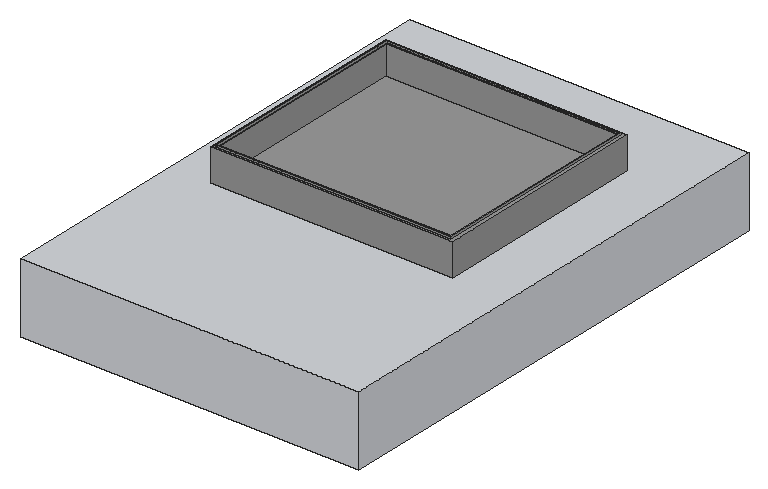
Revit family "Hager-Univers-IP30-D160-QS-Cl.II-FWQ_encl-AT-de", category Equipement électrique, Revit 2020
Family settings
  Hôte = Face
  Configuration du panneau = Deux colonnes, circuits au sein
  Cote de connecteur circulaire = Utiliser le diamètre
  Type d'élément = Tableau de raccordement
  Couper avec des vides une fois chargée = Non
  Partagée = Non
  Point de calcul de pièce = Non
Parameters (values of type "Aufputz IP30 B1050 H950 T160  - FWQ64D1")
  Width Control [instance] = if([EF000008 - Breite] > Min Width, [EF000008 - Breite], Min Width)  # 1050 mm
  Commentaires du type = [HG000003 - Bereich]  # "Univers"
  Thickness Door [instance] = if([EF009171 - Materialstärke Tür/Deckel] > 3 mm, 3 mm, [EF009171 - Materialstärke Tür/Deckel])  # 2 mm
  Seal Frame Offset [instance] = 17 mm  # constant formula
  Plinth Visibility [instance] = [HG000027 - Sockelhöhe] > 0 mm  # no
  Model = ""
  Min Width [instance] = 100 mm  # constant formula
  Min Height [instance] = 100 mm  # constant formula
  Min Depth [instance] = (2 * [EF009170 - Materialstärke Gehäuse]) + 1 mm  # 5 mm
  Internal Frame Depth [instance] = (Door System Depth * 0.5)  # 9 mm
  Height Control [instance] = if([EF000040 - Höhe] > Min Height, [EF000040 - Höhe], Min Height)  # 950 mm
  HG000027 - Sockelhöhe = 0 mm
  HG000026 - Stehend auf dem Boden = no
  HG000024 - Höhe des unteren Teils = 800 mm
  HG000023 - Gehäuse mit doppeltem Querschnitt = no
  HG000016 - 3D-Türsichtbarkeit [instance] = yes
  HG000015 - Sichtbarkeit der Türöffnung [instance] = no
  HG000014 - Tür rechts [instance] = yes
  HG000013 - Tür links [instance] = not([HG000014 - Tür rechts])  # no
  HG000012 - Türschwenkwinkel [instance] = 30.00°
  HG000010 - Asymmetrische Türen = no
  HG000009 - Doppelflügeligen Tür = no
  HG000006 - Unterputz = no
  HG000004 - Herstellerreferenz = "FWQ64D1"
  HG000003 - Bereich = "Univers"
  HG000002 - Mit tür = no
  Frame Offset Bottom [instance] = 10 mm  # constant formula
  Frame Offset [instance] = 15 mm  # constant formula
  EF015940 - Deckel mit Überdruckentlastung = no
  EF011959 - Schutzart (NEMA) = ""
  EF009554 - Anzahl der Öffnungen für Flanschplatten = 8
  Fabricant = "Hager"  # constant formula
  EF009212 - Ausführung Deckel = "EV009916 - mit Ausschnitt"
  EF009171 - Materialstärke Tür/Deckel = 2 mm
  EF009170 - Materialstärke Gehäuse = 2 mm
  EF008873 - Nennstrom (In) = 125 A
  EF007800 - Geeignet für Blitzschutz = no
  EF006306 - Mit Schloss = no
  EF006244 - Transparenter Deckel/Tür = no
  EF005474 - Schutzart (IP) = "EV006410 - IP30"
  EF004464 - Art der Tür = "EV002646 - Einzel"
  EF004427 - Anzahl der Module = 288
  EF004293 - Schlagfestigkeit = ""
  EF003532 - Geeignet für Außengebrauch = no
  EF002950 - Breite in Teilungseinheiten = 48
  EF001613 - Funktionserhalt = "EV000494 - ohne"
  EF001596 - Werkstoff des Gehäuses = "EV000179 - Stahl"
  EF001131 - Innentiefe = 160 mm
  EF001088 - Anbaumöglichkeit = yes
  EF000437 - Anzahl der Leitungseinführungen = 16
  EF000339 - Art der Abdeckung = "EV001012 - Deckel"
  EF000266 - Anzahl der Reihen = 24
  EF000218 - Einbautiefe = 0 mm
  EF000118 - Mit Montageplatte = yes
  EF000116 - RAL-Nummer = "9010"
  EF000049 - Tiefe = 160 mm
  EF000040 - Höhe = 950 mm
  EF000008 - Breite = 1050 mm
  EF000007 - Farbe = "EV000202 - weiß"
  EF000003 - Montageart = "EV000384 - Aufputz"
  Door System Leaf Tolerance [instance] = 1.5 mm  # constant formula
  Door System Depth [instance] = 18 mm  # constant formula
  Door Height [instance] = Height Control - [HG000027 - Sockelhöhe]  # 950 mm
  Depth Control [instance] = if([EF000049 - Tiefe] > Min Depth, [EF000049 - Tiefe], Min Depth)  # 160 mm
  Default Elevation = 0 mm
  Connector Offset [instance] = Height Control / 2  # 475 mm
  Bottom Top Plate Trim [instance] = 1.5 mm  # constant formula
  Plinth height Ctrl [instance] = if([HG000027 - Sockelhöhe] > 0 mm, [HG000027 - Sockelhöhe], 12 mm)  # 12 mm
Reference planes
  plane 1 "Center (Front/Back)": y = 0
  plane 2: z = 0
  plane 3 "Center (Left/Right)": x = 0
  plane 4: z = 160
  plane 5: y = 2
  plane 6: y = 475
  plane 7: y = 0
  plane 8: y = 950
  plane 9: z = 0
  plane 10: x = -510
  plane 11: x = 510
  plane 12: x = 508
  plane 13: x = -508
  plane 14: y = 948
  plane 15: x = -508
  plane 16: x = -525
  plane 17: x = 508
  plane 18: x = 525
  plane 19: x = 523
  plane 20: x = -523
  plane 21: y = 12
  plane 22: y = 950
  plane 23: y = 933
  plane 24: z = 142
  plane 25: z = 2
  plane 26: z = 140
  plane 27: z = 158
Forms (mm)
  Extrusion 1, solid
    sketch origin (0, 0, 0) x (1, 0, 0) y (0, 1, 0)
      loop
        line (-702.964, 1305) -> (-702.964, -811.445) -> (766.763, -811.445) -> (766.763, 1305) -> (-702.964, 1305)
    from 0 to -304.8
  Extrusion 2, solid, material "Hager_Steel_RAL7035_Light_Grey", visible <- "Plinth Visibility", detail levels medium+fine
    sketch origin (0, 0, 0) x (1, 0, 0) y (0, 1, 0)
      loop
        line (-525, 0) -> (525, 0) -> (525, 12) -> (-525, 12) -> (-525, 0)
    from 0 to 142
  Extrusion 3, solid, material "Hager_Steel_RAL7035_Light_Grey", detail levels medium+fine
    sketch origin (0, 0, 0) x (1, 0, 0) y (0, 1, 0)
      loop
        line (-525, 0) -> (525, 0) -> (525, 950) -> (-525, 950) -> (-525, 0)
    from 0 to 142
  Extrusion 4, void
    sketch origin (0, 0, 0) x (1, 0, 0) y (0, 1, 0)
      loop
        line (-523, 2) -> (523, 2) -> (523, 948) -> (-523, 948) -> (-523, 2)
    from 2 to 140
  Extrusion 5, void
    sketch origin (-381.607, -4572, 142) x (0, -1, 0) y (-1, 0, 0)
      loop
        line (-4584, 126.393) -> (-5505, 126.393) -> (-5505, -889.607) -> (-4584, -889.607) -> (-4584, 126.393)
    from 0 to 2 <- "EF009170 - Materialstärke Gehäuse"
  Extrusion 6, solid, material "Hager_Steel_RAL7035_Light_Grey", detail levels fine
    sketch origin (0, 0, 142) x (1, 0, 0) y (0, 1, 0)
      loop
        line (-508, 933) -> (-508, 12) -> (508, 12) -> (508, 933) -> (-508, 933)
      loop
        line (-510, 10) -> (510, 10) -> (510, 935) -> (-510, 935) -> (-510, 10)
    from 0 to 9 <- "Internal Frame Depth"
  Extrusion 7, solid, material "Hager_Steel_RAL7035_Light_Grey", detail levels coarse
    sketch origin (0, 0, 0) x (1, 0, 0) y (0, 1, 0)
      loop
        line (-525, 0) -> (525, 0) -> (525, 950) -> (-525, 950) -> (-525, 0)
    from 0 to 160
  Sweep 8, void
    path in 3D
      loop
        line (-525, 12, 0) -> (525, 12, 0) -> (525, 12, 142) -> (-525, 12, 142) -> (-525, 12, 0)
    profile origin (-525, 12, 71) x (-1, 0, 0) y (0, -1, 0)
      loop
        line (0, 0) -> (0, 1.5) -> (-1.5, 1.5)
        arc (-1.5, 1.5) -> (-1.061, 0.439) -> (0, 0) r 1.5
Cuts and joins
  Extrusion 4, Extrusion 5 cuts Extrusion 3
  Sweep 8 cuts Extrusion 2
Lines and regions (mm)
  Masking region 1
    outline origin (0, 0, 0) x (1, 0, 0) y (0, 0, 1)
      loop
        line (-525, 160) -> (-525, 0) -> (525, 0) -> (525, 160) -> (-525, 160)
  Masking region 2, detail levels medium+fine
    outline origin (0, 140, 0) x (0, 1, 0) y (0, 0, 1)
      loop
        line (-140, 0) -> (810, 0) -> (810, 142) -> (-140, 142) -> (-140, 0)
  Masking region 3, not visible, detail levels medium+fine
    outline origin (0, 297.922, 0) x (0, 1, 0) y (0, 0, 1)
      loop
        line (188.578, 0) -> (228.578, 0) -> (228.578, 148)
        arc (228.578, 148) -> (225.649, 155.071) -> (218.578, 158) r 10
        line (218.578, 158) -> (188.578, 158) -> (188.578, 0)
  Masking region 4, detail levels coarse
    outline origin (0, 0, 180) x (0, 1, 0) y (0, 0, 1)
      loop
        line (0, -180) -> (950, -180) -> (950, -20) -> (0, -20) -> (0, -180)
  Masking region 5, visible <- "Plinth Visibility", detail levels medium+fine
    outline origin (0, 52.24, 12.345) x (0, 0, -1) y (0, 1, 0)
      loop
        line (10.845, -40.24) -> (-128.155, -40.24)
        arc (-128.155, -40.24) -> (-128.594, -41.301) -> (-129.655, -41.74) r 1.5
        line (-129.655, -41.74) -> (-129.655, -52.24) -> (12.345, -52.24) -> (12.345, -41.74)
        arc (12.345, -41.74) -> (11.285, -41.301) -> (10.845, -40.24) r 1.5
  Masking region 6, detail levels medium+fine
    outline origin (-381.607, -4572, 142) x (-1, 0, 0) y (0, -1, 0)
      loop
        line (143.393, -5522) -> (143.393, -4572) -> (-906.607, -4572) -> (-906.607, -5522) -> (143.393, -5522)
  Masking region 7, visible <- "Plinth Visibility", detail levels medium+fine
    outline origin (-381.607, -4727, 142) x (-1, 0, 0) y (0, -1, 0)
      loop
        arc (141.893, -4739) -> (142.332, -4737.939) -> (143.393, -4737.5) r 1.5
        line (143.393, -4737.5) -> (143.393, -4727) -> (-906.607, -4727) -> (-906.607, -4737.5)
        arc (-906.607, -4737.5) -> (-905.546, -4737.939) -> (-905.107, -4739) r 1.5
        line (-905.107, -4739) -> (141.893, -4739)
  Masking region 8, detail levels coarse
    outline origin (-442.548, -4669.526, 142) x (-1, 0, 0) y (0, -1, 0)
      loop
        line (82.452, -5619.526) -> (82.452, -4669.526) -> (-967.548, -4669.526) -> (-967.548, -5619.526) -> (82.452, -5619.526)
  sketch lines
    curve 1: line (-525, 12, 142) -> (-525, 12, 0)
    curve 2: line (525, 12, 142) -> (-525, 12, 142)
    curve 3: line (525, 12, 142) -> (525, 12, 0)
    curve 4: line (-525, 12, 0) -> (525, 12, 0)
Dimensions and locks
  "Depth Control": plane 4 to Extrusion 1
  "HG000027 - Sockelhöhe": plane 1 "Center (Front/Back)" to plane 7
  "EF009170 - Materialstärke Gehäuse": plane 5 to plane 7
  locked: connector elem to plane 3 "Center (Left/Right)"
  equal spacing: plane 8, plane 6, plane 7
  locked: connector elem to plane 6
  "EF009170 - Materialstärke Gehäuse": plane 8 to plane 14
  "EF009170 - Materialstärke Gehäuse": plane 10 to plane 13
  "EF009170 - Materialstärke Gehäuse": plane 12 to plane 11
  "Frame Offset": plane 20 to plane 13
  "Frame Offset": plane 12 to plane 19
  "EF009170 - Materialstärke Gehäuse": plane 16 to plane 20
  "EF009170 - Materialstärke Gehäuse": plane 19 to plane 18
  "Seal Frame Offset": plane 16 to plane 15
  "Seal Frame Offset": plane 17 to plane 18
  "Frame Offset Bottom": plane 21 to plane 5
  "Frame Offset": plane 14 to plane 23
  equal spacing: plane 16, plane 3 "Center (Left/Right)", plane 18
  "Width Control": plane 16 to plane 18
  "EF009170 - Materialstärke Gehäuse": plane 4 to plane 27
  "EF009170 - Materialstärke Gehäuse": plane 24 to plane 26
  "EF009170 - Materialstärke Gehäuse": plane 25 to level
  "Door System Depth": plane 4 to plane 24
  "Height Control": plane 1 "Center (Front/Back)" to Extrusion 7 sketch curve
  "Height Control": Masking region 4 sketch curve to plane 1 "Center (Front/Back)"
  "Height Control": plane 1 "Center (Front/Back)" to plane 22
  "Bottom Top Plate Trim": profile plane to Sweep 8 sketch curve
  "Bottom Top Plate Trim": Sweep 8 sketch curve to profile plane
  "Plinth height Ctrl": plane 1 "Center (Front/Back)" to Extrusion 2 sketch curve
  "Plinth height Ctrl": Masking region 5 sketch curve to plane 1 "Center (Front/Back)"
  "Plinth height Ctrl": plane 1 "Center (Front/Back)" to Masking region 7 sketch curve
  "Thickness Door": Extrusion 6 sketch curve to Extrusion 6 sketch curve  (x3)
  "Thickness Door": cut or joined group of Extrusion 3, Extrusion 4, Extrusion 5 to Extrusion 6 sketch curve
  radius of Masking region 3 sketch curve = 10 mm
  "Bottom Top Plate Trim": radius of Masking region 5 sketch curve  (x2)
  "Bottom Top Plate Trim": radius of Sweep 8 sketch curve
  "Bottom Top Plate Trim": radius of Masking region 7 sketch curve  (x2)
  aligned and locked: plane 2 to Extrusion 1
  aligned and locked: level to Extrusion 1
  aligned and locked: level to Masking region 1 sketch curve
  aligned and locked: Masking region 1 sketch curve to plane 18
  aligned and locked: Masking region 1 sketch curve to plane 16
  aligned and locked: plane 7 to Masking region 2 sketch curve
  aligned and locked: level to Masking region 3 sketch curve
  aligned and locked: Masking region 3 sketch curve to plane 27
  aligned and locked: level to Masking region 2 sketch curve
  aligned and locked: plane 1 "Center (Front/Back)" to Extrusion 2 sketch curve
  aligned and locked: Extrusion 3 sketch curve to plane 7
  aligned and locked: plane 16 to Extrusion 3 sketch curve
  aligned and locked: plane 18 to Extrusion 3 sketch curve
  aligned and locked: plane 20 to Extrusion 4 sketch curve
  aligned and locked: plane 19 to Extrusion 4 sketch curve
  aligned and locked: Extrusion 4 sketch curve to plane 5
  aligned and locked: Extrusion 4 to plane 25
  aligned and locked: plane 26 to Extrusion 4
  aligned and locked: plane 24 to Extrusion 3
  aligned and locked: Extrusion 5 sketch curve to plane 21
  aligned and locked: Extrusion 5 sketch curve to plane 13
  aligned and locked: Extrusion 5 sketch curve to plane 12
  aligned and locked: plane 18 to Extrusion 7 sketch curve
  aligned and locked: plane 1 "Center (Front/Back)" to Extrusion 7 sketch curve
  aligned and locked: plane 16 to Extrusion 7 sketch curve
  aligned and locked: plane 4 to Extrusion 7
  aligned and locked: Extrusion 7 to level
  aligned and locked: level to Masking region 4 sketch curve
  aligned and locked: Masking region 4 sketch curve to plane 1 "Center (Front/Back)"
  aligned and locked: Masking region 4 sketch curve to plane 4
  aligned and locked: nested 1 to level
  aligned and locked: nested 1 to plane 16
  aligned and locked: Extrusion 3 sketch curve to plane 8
  aligned and locked: Extrusion 5 sketch curve to plane 23
  aligned and locked: Extrusion 4 sketch curve to plane 14
  aligned and locked: Masking region 2 sketch curve to plane 8
  aligned and locked: level to Masking region 5 sketch curve
  aligned and locked: plane 16 to Extrusion 2 sketch curve
  aligned and locked: plane 18 to Extrusion 2 sketch curve
  aligned and locked: Masking region 5 sketch curve to plane 24
  aligned and locked: Masking region 2 sketch curve to plane 24
  aligned and locked: plane 24 to Extrusion 2
  aligned and locked: profile plane to Sweep 8 sketch curve  (x2)
  aligned and locked: Masking region 6 sketch curve to plane 18
  aligned and locked: Masking region 6 sketch curve to plane 22
  aligned and locked: Masking region 6 sketch curve to plane 16
  aligned and locked: plane 8 to plane 22
  aligned and locked: Masking region 6 sketch curve to plane 7
  aligned and locked: Masking region 7 sketch curve to plane 16
  aligned and locked: Masking region 7 sketch curve to plane 1 "Center (Front/Back)"
  aligned and locked: Masking region 7 sketch curve to plane 18
  aligned and locked: Masking region 8 sketch curve to plane 1 "Center (Front/Back)"
  aligned and locked: Masking region 8 sketch curve to plane 18
  aligned and locked: Masking region 8 sketch curve to plane 22
  aligned and locked: Masking region 8 sketch curve to plane 16
  aligned and locked: nested 2 to plane 7
  aligned and locked: plane 3 "Center (Left/Right)" to nested 2
  aligned and locked: nested 2 to plane 24
  aligned and locked: Extrusion 6 sketch curve to cut or joined group of Extrusion 3, Extrusion 4, Extrusion 5  (x4)
Automatic sketch dimensions
  Extrusion 1 sketch curve to Extrusion 1 sketch curve = 1469.727 mm
  Extrusion 1 sketch curve to Extrusion 1 sketch curve = 2116.445 mm
  Masking region 1 sketch curve to plane 4 = 0 mm
  plane 6 to Masking region 3 sketch curve = 11.5 mm
  Masking region 3 sketch curve to Masking region 3 sketch curve = 30 mm
  Masking region 5 sketch curve to plane 1 "Center (Front/Back)" = 0 mm
Nested families
  nested 1: "Hager_Enclosure_Symbol" at (-525, 0, 0) x (1, 0, 0) z (0, -1, 0), Height <- "Depth Control", Width <- "Width Control", type "Hager_Enclosure_Symbol"
    with Width_Ctrl 1050 mm, Width 1050 mm, Height_Ctrl 160 mm, Height 160 mm, A_Width_Int 10.5 mm, A_Width 126 mm, A_Height_Ctrl 140 mm, A_Height 140 mm
  nested 2: "EC000058_Univers_Door" at (0, 0, 142) x (1, 0, 0) z (0, 1, 0), Leaf_Tolerance <- "Door System Leaf Tolerance", Angle <- "HG000012 - Türschwenkwinkel", Door_Depth <- "Door System Depth", Door_Left <- "HG000013 - Tür links", Transparent <- "EF006244 - Transparenter Deckel/Tür", Assymetrical <- "HG000010 - Asymmetrische Türen", Width <- "Width Control", Clearance <- "HG000015 - Sichtbarkeit der Türöffnung", Double <- "HG000009 - Doppelflügeligen Tür", 3d_Door <- "HG000016 - 3D-Türsichtbarkeit", Lock_Visibility <- "EF006306 - Mit Schloss", Width_Ctrl <- "Width Control", Door_Right <- "HG000014 - Tür rechts", Door <- "HG000002 - Mit tür", Height <- "Door Height", Thickness <- "Thickness Door", type "EC000058_Univers_Door", detail levels medium+fine
    with min_wh 5 mm, Width_Ctrl 1050 mm, Width 1050 mm, Transparent no, Thickness 2 mm, Seal_Material Hager_Rubber, Lock_Visibility no, Lock_Material Hager_Plastic_RAL9005_Jet_Black, Leaf_Width 1050 mm, Leaf_Tolerance_External_Sides 0 mm, Leaf_Tolerance 1.5 mm, Leaf_Offset 0 mm, Leaf_Height 947 mm, Leaf_2_Width 1050 mm, Leaf_2_Offset 525 mm, Leaf_1_Width 1050 mm, Leaf_1_Offset 525 mm, Height_Ctrl 950 mm, Height 950 mm, Glass_Material Hager_Glass, Double_Clearance_Ctrl no, Double no, Door_Right_Ctrl no, Door_Right yes, Door_Material Hager_Steel_RAL7035_Light_Grey, Door_Left_Ctrl no, Door_Left no, Door_Depth 18 mm, Door no, Clearance_Material Hager_Clearance, Clearance_Depth 1050 mm, Clearance_Ctrl no, Clearance no, Assymetrical no, Angle 30.00°, 3d_Door yes
Connectors
  electrical at (0, 475, 0)
    settings: on plane 9, index 1, voltage 0 V, apparent load 0 VA, apparent load phase1 0 VA, apparent load phase2 0 VA, apparent load phase3 0 VA, power factor 1, load classification "Other", number of poles 1, system type 30, power factor state 1, is connector primary yes, connector utility no, sub classification motor no, connector description ""
Definition of nested family "Hager_Enclosure_Symbol"
  Parameters (values of type "Hager_Enclosure_Symbol")
    Width_Ctrl [instance] = if(Width > 1 mm, Width, 1 mm)  # 102.27 mm
    Width [instance] = 102.27 mm
    Height_Ctrl [instance] = if(Height > 1 mm, Height, 1 mm)  # 66.5 mm
    A_Width_Int [instance] = if(A_Width / 12 > 2 mm, A_Width / 12, 2 mm)  # 4.364 mm
    A_Width [instance] = if(A_Height_Ctrl * 0.9 > 2 mm, A_Height_Ctrl * 0.9, 2 mm)  # 52.369 mm
    A_Height_Ctrl [instance] = if(A_Height > 2 mm, A_Height, 2 mm)  # 58.188 mm
    Height [instance] = 66.5 mm
    A_Height [instance] = Height - (Height / 8)  # 58.188 mm
  Reference planes
    plane 1 "Centre (avant/arrière)": y = 0
    plane 2: z = 0
    plane 3 "Centre (gauche/droite)": x = 0
    plane 4: x = 52.369
    plane 5: y = 33.042
    plane 6: y = 41.77
    plane 7: y = 66.5
    plane 8: x = 26.184
    plane 9: y = 37.406
    plane 10: x = 102.27
    plane 11: y = 66.5
    plane 12: y = 8.313
  Lines and regions (mm)
    Filled region 1, type "Solid_Black", in view "Niveau de réf."
      outline origin (0, 0, 0) x (1, 0, 0) y (0, 1, 0)
        loop
          line (52.369, 66.5) -> (33.188, 54.536) -> (45.365, 45.006) -> (52.369, 66.5)
    Filled region 2, type "Solid_Black", in view "Niveau de réf."
      outline origin (0, 0, 0) x (1, 0, 0) y (0, 1, 0)
        loop
          line (0, 0) -> (102.27, 0) -> (102.27, 66.5) -> (0, 0)
    detail lines, in view "Niveau de réf."
      curve 1: line (0, 8.313, 0) -> (26.184, 41.77, 0)
      curve 2: line (26.184, 41.77, 0) -> (26.184, 33.042, 0)
      curve 3: line (26.184, 33.042, 0) -> (52.369, 66.5, 0)
  Dimensions and locks
    "A_Width": plane 3 "Centre (gauche/droite)" to plane 4
    equal spacing: plane 3 "Centre (gauche/droite)", plane 8, plane 4
    equal spacing: plane 6, plane 9, plane 5
    equal spacing: curve 3, Filled region 1 sketch curve, Filled region 1 sketch curve
    "Height_Ctrl": plane 1 "Centre (avant/arrière)" to plane 11
    "A_Height_Ctrl": plane 11 to plane 12
    equal spacing: plane 11, plane 9, plane 12
    "A_Width_Int": plane 6 to plane 9
    "Width_Ctrl": plane 3 "Centre (gauche/droite)" to plane 10
    angle Filled region 1 sketch curve to curve 3 = 20.00°
    angle curve 3 to Filled region 1 sketch curve = 20.00°
    locked: curve 3 to Filled region 1 sketch curve (angle 90.00°)
    aligned and locked: plane 10 to Filled region 2
    aligned and locked: plane 11 to Filled region 2 sketch curve
    aligned and locked: plane 10 to Filled region 2 sketch curve
    aligned and locked: plane 3 "Centre (gauche/droite)" to curve 1
    aligned and locked: plane 12 to curve 1
    aligned and locked: plane 7 to plane 11
  Automatic sketch dimensions
    Filled region 1 sketch curve to plane 4 = 0 mm
    Filled region 1 sketch curve to plane 7 = 0 mm
    plane 1 "Centre (avant/arrière)" to Filled region 2 sketch curve = 0 mm
    Filled region 2 sketch curve to plane 3 "Centre (gauche/droite)" = 0 mm
    curve 2 to plane 6 = 0 mm
    curve 2 to plane 8 = 0 mm
    curve 3 to plane 4 = 0 mm
    curve 2 to plane 5 = 0 mm
    curve 3 to plane 7 = 0 mm
Definition of nested family "EC000058_Univers_Door"
  Parameters (values of type "EC000058_Univers_Door")
    min_wh [instance] = (2 * Thickness) + 1 mm  # 11 mm
    Width_Ctrl [instance] = 400 mm
    Width [instance] = 500 mm
    Transparent [instance] = yes
    Thickness [instance] = 5 mm
    Seal_Material [instance] = none
    Lock_Visibility [instance] = yes
    Lock_Material [instance] = none
    Leaf_Width [instance] = if((Width_Ctrl - 2 * Leaf_Tolerance_External_Sides) > 0 mm, (Width_Ctrl - 2 * Leaf_Tolerance_External_Sides), min_wh)  # 400 mm
    Leaf_Tolerance_External_Sides [instance] = 0 mm  # constant formula
    Leaf_Tolerance [instance] = 1.5 mm
    Leaf_Offset [instance] = 0 mm  # constant formula
    Leaf_Height [instance] = if((Height_Ctrl - 2 * Leaf_Tolerance) > 0 mm, (Height_Ctrl - 2 * Leaf_Tolerance), min_wh)  # 497 mm
    Leaf_2_Width [instance] = if(and(and(Double, Assymetrical), Door_Left), (Leaf_Width / 3) - (Leaf_Tolerance / 2), if(and(and(Double, Assymetrical), Door_Right), (Leaf_Width / 3) * 2 - (Leaf_Tolerance / 2), if(and(Double, not(Assymetrical)), (Leaf_Width / 2) - Leaf_Tolerance, Leaf_Width)))  # 400 mm
    Leaf_2_Offset [instance] = if(and(Double, Assymetrical), Leaf_2_Width / 2, if(and(Double, not(Assymetrical)), Leaf_Width / 4, Leaf_Width / 2))  # 200 mm
    Leaf_1_Width [instance] = if(and(and(Double, Assymetrical), Door_Right), (Leaf_Width / 3) - (Leaf_Tolerance / 2), if(and(and(Double, Assymetrical), Door_Left), (Width / 3) * 2 - (Leaf_Tolerance / 2), if(and(Double, not(Assymetrical)), (Leaf_Width / 2) - Leaf_Tolerance, Leaf_Width)))  # 400 mm
    Leaf_1_Offset [instance] = if(and(Double, Assymetrical), Leaf_1_Width / 2, if(and(Double, not(Assymetrical)), Leaf_Width / 4, Leaf_Width / 2))  # 200 mm
    Height_Ctrl [instance] = if(Height > min_wh, Height, min_wh)  # 500 mm
    Height [instance] = 500 mm
    Glass_Material [instance] = none
    Double_Clearance_Ctrl [instance] = and(Double, Clearance)  # no
    Double [instance] = no
    Door_Right_Ctrl [instance] = and(or(Door_Right, Double), Door)  # yes
    Door_Right [instance] = yes
    Door_Material [instance] = none
    Door_Left_Ctrl [instance] = and(or(Door_Left, Double), Door)  # no
    Door_Left [instance] = no
    Door_Depth [instance] = 30 mm
    Door [instance] = yes
    Default Elevation = 1219.2 mm
    Clearance_Material [instance] = none
    Clearance_Depth [instance] = if(Leaf_1_Width > Leaf_2_Width, Leaf_1_Width, Leaf_2_Width)  # 400 mm
    Clearance_Ctrl [instance] = and(not(Double), Clearance)  # yes
    Clearance [instance] = yes
    Assymetrical [instance] = yes
    Angle [instance] = 30.00°
    3d_Door [instance] = yes
  Reference planes
    plane 1 "Center (Front/Back)": y = 0
    plane 2 "Bottom": z = 0
    plane 3 "Center (Left/Right)": x = 0
    plane 4: z = 500
    plane 5: x = -200
    plane 6: x = 200
    plane 7: z = 500
    plane 8: x = -200
    plane 9: z = 0
    plane 10: x = 200
    plane 11: y = 0
    plane 12: z = 1.5
    plane 13: x = -600
    plane 14: y = -400
    plane 15: x = 600
    plane 16: x = 0
    plane 17: x = 0
    plane 18: x = -200
    plane 19: x = 200
    plane 20: z = 498.5
  Forms (mm)
    Extrusion 1, solid, material <- "Clearance_Material", visible <- "Double_Clearance_Ctrl"
      sketch origin (1200, 0, 0) x (1, 0, 0) y (0, 0, -1)
        loop
          line (-1800, -498.5) -> (-600, -498.5) -> (-600, 0) -> (-1800, 0) -> (-1800, -498.5)
      from 0 to -400
  Dimensions and locks
    equal spacing: plane 5, plane 3 "Center (Left/Right)", plane 6
    "Width_Ctrl": plane 5 to plane 6
    "Leaf_Offset": plane 5 to plane 8
    "Leaf_Offset": plane 6 to plane 10
    "Leaf_Offset": plane 9 to level
    "Leaf_Offset": plane 4 to plane 7
    "Height_Ctrl": plane 4 to level
    "Leaf_Tolerance": plane 12 to plane 9
    locked: plane 11 to plane 1 "Center (Front/Back)"
    "Leaf_1_Offset": plane 18 to plane 16
    "Leaf_2_Offset": plane 17 to plane 19
    "Leaf_1_Width": plane 13 to plane 8
    "Leaf_2_Width": plane 10 to plane 15
    "Clearance_Depth": plane 14 to plane 1 "Center (Front/Back)"
    "Leaf_Tolerance_External_Sides": plane 8 to plane 18
    "Leaf_Tolerance_External_Sides": plane 19 to plane 10
    "Leaf_Tolerance": plane 7 to plane 20
    aligned and locked: level to plane 2 "Bottom"
    aligned and locked: nested 1 to plane 16
    aligned and locked: nested 2 to plane 17
    aligned and locked: Extrusion 1 to plane 13
    aligned and locked: plane 15 to Extrusion 1
    aligned and locked: Extrusion 1 to plane 14
    aligned and locked: plane 12 to nested 1
    aligned and locked: nested 2 to plane 12
    aligned and locked: Extrusion 1 to plane 11
    aligned and locked: plane 20 to Extrusion 1
    aligned and locked: nested 2 to plane 11
    aligned and locked: nested 1 to plane 11
  Automatic sketch dimensions
    Extrusion 1 sketch curve to level = 0 mm
    plane 5 to Extrusion 1 sketch curve = 400 mm
    plane 6 to Extrusion 1 sketch curve = 400 mm
    Extrusion 1 sketch curve to plane 4 = 1.5 mm
  Nested families
    nested 1: "EC000058_Univers_Door_Leaf" at (0, 0, 1.5), Width <- "Leaf_1_Width", visible <- "Door_Left_Ctrl", Leaf_Height <- "Leaf_Height", Angle <- "Angle", 3d_Door <- "3d_Door", Transparent <- "Transparent", Clearance Material <- "Clearance_Material", Clearance <- "Clearance_Ctrl", Door_Material <- "Door_Material", Glass_Material <- "Glass_Material", Door_Depth <- "Door_Depth", Lock_Material <- "Lock_Material", Seal_Material <- "Seal_Material", Lock_Visibility <- "Lock_Visibility", Thickness <- "Thickness", type "EC000058_Univers_Door_Leaf"
      with Width 400 mm, Transparent_Glass_Offset 30 mm, Transparent_Ctrl yes, Transparent yes, Thickness 5 mm, Standard no, Seal_Material none, Seal_D2 8 mm, Seal_D1 1 mm, Offset_Internal_Frame 10 mm, Lock_Width 20 mm, Lock_Visibility_3d yes, Lock_Visibility yes, Lock_Thickness_3 3 mm, Lock_Thickness_2 1 mm, Lock_Thickness_1 3 mm, Lock_Radius_Offset_2 16 mm, Lock_Radius_Offset_1 15 mm, Lock_Radius_2 5 mm, Lock_Radius 6 mm, Lock_Offset 5 mm, Lock_Material none, Lock_Height 80 mm, Lock_Cover_Top_Offset_2d 17 mm, Lock_Cover_Height -65 mm, Leaf_Height 497 mm, Internal_Seal_Thickness 8 mm, Internal_Seal_Depth_2 4.5 mm, Internal_Frame_Depth 25 mm, Glass_Thickness -1 mm, Glass_Offset -2 mm, Glass_Material none, Door_Material none, Door_Depth 30 mm, Clearance Material none, Clearance yes, Angle_Ctrl 30.00°, Angle 30.00°, 3d_Door yes
    nested 2: "EC000058_Univers_Door_Leaf" at (0, 0, 1.5) x (-1, 0, 0) z (0, 0, 1), Width <- "Leaf_2_Width", visible <- "Door_Right_Ctrl", Leaf_Height <- "Leaf_Height", Angle <- "Angle", 3d_Door <- "3d_Door", Transparent <- "Transparent", Clearance Material <- "Clearance_Material", Clearance <- "Clearance_Ctrl", Door_Material <- "Door_Material", Glass_Material <- "Glass_Material", Door_Depth <- "Door_Depth", Lock_Material <- "Lock_Material", Seal_Material <- "Seal_Material", Lock_Visibility <- "Lock_Visibility", Thickness <- "Thickness", type "EC000058_Univers_Door_Leaf"
      with Width 400 mm, Transparent_Glass_Offset 30 mm, Transparent_Ctrl yes, Transparent yes, Thickness 5 mm, Standard no, Seal_Material none, Seal_D2 8 mm, Seal_D1 1 mm, Offset_Internal_Frame 10 mm, Lock_Width 20 mm, Lock_Visibility_3d yes, Lock_Visibility yes, Lock_Thickness_3 3 mm, Lock_Thickness_2 1 mm, Lock_Thickness_1 3 mm, Lock_Radius_Offset_2 16 mm, Lock_Radius_Offset_1 15 mm, Lock_Radius_2 5 mm, Lock_Radius 6 mm, Lock_Offset 5 mm, Lock_Material none, Lock_Height 80 mm, Lock_Cover_Top_Offset_2d 17 mm, Lock_Cover_Height -65 mm, Leaf_Height 497 mm, Internal_Seal_Thickness 8 mm, Internal_Seal_Depth_2 4.5 mm, Internal_Frame_Depth 25 mm, Glass_Thickness -1 mm, Glass_Offset -2 mm, Glass_Material none, Door_Material none, Door_Depth 30 mm, Clearance Material none, Clearance yes, Angle_Ctrl 30.00°, Angle 30.00°, 3d_Door yes
  Definition of nested family "EC000058_Univers_Door_Leaf"
    Parameters (values of type "EC000058_Univers_Door_Leaf")
      Width [instance] = 2000 mm
      Transparent_Glass_Offset [instance] = 30 mm
      Transparent_Ctrl [instance] = and(Transparent, [3d_Door])  # yes
      Transparent [instance] = yes
      Thickness [instance] = 5 mm
      Standard [instance] = and(not(Transparent), [3d_Door])  # no
      Seal_Material [instance] = none
      Seal_D2 [instance] = 8 mm  # constant formula
      Seal_D1 [instance] = 1 mm  # constant formula
      Offset_Internal_Frame [instance] = 10 mm  # constant formula
      Lock_Width [instance] = 20 mm  # constant formula
      Lock_Visibility_3d [instance] = and(Lock_Visibility, [3d_Door])  # yes
      Lock_Visibility [instance] = yes
      Lock_Thickness_3 [instance] = 3 mm  # constant formula
      Lock_Thickness_2 [instance] = 1 mm  # constant formula
      Lock_Thickness_1 [instance] = 3 mm  # constant formula
      Lock_Radius_Offset_2 [instance] = Lock_Radius_Offset_1 + 1 mm  # 16 mm
      Lock_Radius_Offset_1 [instance] = 15 mm  # constant formula
      Lock_Radius_2 [instance] = Lock_Radius - 1 mm  # 5 mm
      Lock_Radius [instance] = 6 mm  # constant formula
      Lock_Offset [instance] = 5 mm  # constant formula
      Lock_Material [instance] = none
      Lock_Height [instance] = 80 mm  # constant formula
      Lock_Cover_Top_Offset_2d [instance] = Lock_Radius_Offset_2 + 1 mm  # 17 mm
      Lock_Cover_Height [instance] = -(Lock_Height - Lock_Radius_Offset_1)  # -65 mm
      Leaf_Height [instance] = 2720.336 mm
      Internal_Seal_Thickness [instance] = 8 mm  # constant formula
      Internal_Seal_Depth_2 [instance] = 4.5 mm  # constant formula
      Internal_Frame_Depth [instance] = if(Door_Depth - Thickness > 5 mm, Door_Depth - Thickness, 5 mm)  # 25 mm
      Glass_Thickness [instance] = if(Thickness > 15 mm, Glass_Offset + 10 mm, -1 mm)  # -1 mm
      Glass_Offset [instance] = if(Thickness > 15 mm, -(Thickness + 10 mm) / 2, -2 mm)  # -2 mm
      Glass_Material [instance] = none
      Door_Material [instance] = none
      Door_Depth [instance] = 30 mm
      Default Elevation = 0 mm
      Clearance Material [instance] = none
      Clearance [instance] = yes
      Angle_Ctrl [instance] = if(Angle > 180.00°, 180.00°, Angle)  # 90.00°
      Angle [instance] = 90.00°
      3d_Door [instance] = yes
    Reference planes
      plane 1 "Center (Front/Back)": y = 0
      plane 2: z = 0
      plane 3 "Center (Left/Right)": x = 0
      plane 4: y = 2000
      plane 5: x = -1000
      plane 6: x = 1000
      plane 7: x = -3000
      plane 8: z = 2720.336
      plane 9: z = 30
      plane 10: z = 2690.336
      plane 11: x = 970
      plane 12: x = -970
      plane 13: y = -3
      plane 14: z = 107.833
      plane 15: y = -5
      plane 16: y = -223.314
      plane 17: x = -1000
      plane 18: z = 1360.168
      plane 19: y = 30
    Forms (mm)
      Extrusion 1, solid, material <- "Clearance Material", visible <- "Clearance"
        sketch origin (0, 0, 0) x (1, 0, 0) y (0, 0, 1)
          loop
            line (-3000, 2720.336) -> (-3000, 0) -> (1000, 0) -> (1000, 2720.336) -> (-3000, 2720.336)
        from 0 to -2000
      Extrusion 2, solid, material <- "Door_Material", visible <- "Standard", detail levels medium+fine
        sketch origin (-1000, 0, 0) x (0, 1, 0) y (-1, 0, 0)
          loop
            line (0, 30) -> (0, 25) -> (2000, 25) -> (2000, 30) -> (0, 30)
        from 0 to 2720.336 <- "Leaf_Height"
      Extrusion 3, solid, material <- "Door_Material", visible <- "Transparent_Ctrl", detail levels medium+fine
        sketch origin (-1000, 0, 0) x (0, 1, 0) y (-1, 0, 0)
          loop
            line (0, 25) -> (2000, 25) -> (2000, 30) -> (0, 30) -> (0, 25)
        from 0 to 2720.336 <- "Leaf_Height"
      Extrusion 4, void
        sketch origin (-1025, 2000, 0) x (0, 1, 0) y (0, 0, -1)
          loop
            line (-30, -2690.336) -> (-30, -30) -> (-1970, -30) -> (-1970, -2690.336) -> (-30, -2690.336)
        from 0 to 5 <- "Thickness"
      Sweep 5, solid, material <- "Seal_Material", visible <- "Transparent_Ctrl", detail levels fine
        path in 3D
          loop
            line (-1025, 30, 30) -> (-1025, 30, 2690.336) -> (-1025, 1970, 2690.336) -> (-1025, 1970, 30) -> (-1025, 30, 30)
        profile origin (-1025, 1000, 30) x (1, 0, 0) y (0, 0, 1)
          loop
            line (0, 0) -> (0, -8) -> (1, -8) -> (1, 0) -> (0, 0)
      Extrusion 6, solid, material <- "Glass_Material", visible <- "Transparent_Ctrl", detail levels medium+fine
        sketch origin (-1030, 0, 0) x (0, 1, 0) y (0, 0, -1)
          loop
            line (1970, -2690.336) -> (1970, -30) -> (30, -30) -> (30, -2690.336) -> (1970, -2690.336)
        from -2 <- "Glass_Offset" to -1 <- "Glass_Thickness"
      Extrusion 7, solid, material <- "Door_Material", visible <- "3d_Door", detail levels medium+fine
        sketch origin (-1025, 2000, 0) x (0, -1, 0) y (0, 0, -1)
          loop
            line (0, -2720.336) -> (2000, -2720.336) -> (2000, 0) -> (0, 0) -> (0, -2720.336)
          loop
            line (1995, -5) -> (5, -5) -> (5, -2715.336) -> (1995, -2715.336) -> (1995, -5)
        from 0 to 25 <- "Internal_Frame_Depth"
      Sweep 8, solid, material <- "Seal_Material", visible <- "Transparent_Ctrl", detail levels fine
        path in 3D
          loop
            line (-1025, 0, 0) -> (-1025, 2000, 0) -> (-1025, 2000, 2720.336) -> (-1025, 0, 2720.336) -> (-1025, 0, 0)
        profile origin (-1025, 0, 1360.168) x (1, 0, 0) y (0, 1, 0)
          loop
            line (0, 10) -> (2.975, 10)
            arc (2.975, 10) -> (4.053, 10.447) -> (4.5, 11.525) r 1.525
            line (4.5, 11.525) -> (4.5, 16.527)
            arc (4.5, 16.527) -> (4.069, 17.569) -> (3.027, 18) r 1.473
            line (3.027, 18) -> (0, 18) -> (0, 10)
      Extrusion 9, solid, material <- "Lock_Material", visible <- "Lock_Visibility_3d", detail levels fine
        sketch origin (-1030, 0, 0) x (0, 1, 0) y (0, 0, -1)
          loop
            arc (1993.5, -1400.168) -> (1994.561, -1399.729) -> (1995, -1398.668) r 1.5
            line (1995, -1398.668) -> (1995, -1320.168) -> (1975, -1320.168) -> (1975, -1398.668)
            arc (1975, -1398.668) -> (1975.439, -1399.729) -> (1976.5, -1400.168) r 1.5
            line (1976.5, -1400.168) -> (1993.5, -1400.168)
        from 3 <- "Lock_Thickness_1" to 0
      Blend 10, solid, material <- "Lock_Material", visible <- "Lock_Visibility_3d", detail levels fine
        base sketch origin (-1033, 0, 0) x (0, 1, 0) y (0, 0, -1)
          loop
            line (1975, -1320.168) -> (1975, -1398.668)
            arc (1975, -1398.668) -> (1975.439, -1399.729) -> (1976.5, -1400.168) r 1.5
            line (1976.5, -1400.168) -> (1993.5, -1400.168)
            arc (1993.5, -1400.168) -> (1994.561, -1399.729) -> (1995, -1398.668) r 1.5
            line (1995, -1398.668) -> (1995, -1320.168) -> (1975, -1320.168)
        top sketch origin (-1033, 0, 0) x (0, 1, 0) y (0, 0, -1)
          loop
            line (1976, -1320.168) -> (1976, -1398.668)
            arc (1976, -1398.668) -> (1976.146, -1399.022) -> (1976.5, -1399.168) r 0.5
            line (1976.5, -1399.168) -> (1993.5, -1399.168)
            arc (1993.5, -1399.168) -> (1993.854, -1399.022) -> (1994, -1398.668) r 0.5
            line (1994, -1398.668) -> (1994, -1320.168) -> (1976, -1320.168)
        from 0 to 1 <- "Lock_Thickness_2"
      Blend 11, solid, material <- "Lock_Material", visible <- "Lock_Visibility_3d", detail levels fine
        base sketch origin (-1034, 0, 0) x (0, 1, 0) y (0, 0, -1)
          loop
            line (1978, -1320.168) -> (1978, -1384.168)
            arc (1978, -1384.168) -> (1985, -1391.168) -> (1992, -1384.168) r 7
            line (1992, -1384.168) -> (1992, -1320.168) -> (1978, -1320.168)
        top sketch origin (-1034, 0, 0) x (0, 1, 0) y (0, 0, -1)
          loop
            line (1991, -1320.168) -> (1979, -1320.168) -> (1979, -1383.168)
            arc (1979, -1383.168) -> (1985, -1389.168) -> (1991, -1383.168) r 6
            line (1991, -1383.168) -> (1991, -1320.168)
        from 0 to 3 <- "Lock_Thickness_3"
      Extrusion 12, solid, material <- "Lock_Material", visible <- "Lock_Visibility_3d", detail levels fine
        sketch origin (-1030, 1975, 1320.168) x (1, 0, 0) y (0, -1, 0)
          loop
            line (-7, -19) -> (-7, -1) -> (0, -1) -> (0, 0) -> (-8, 0) -> (-8, -20) -> (0, -20) -> (0, -19) -> (-7, -19)
        from 0 to -65 <- "Lock_Cover_Height"
      Extrusion 13, void
        sketch origin (-1038, 1995, 1320.168) x (-1, 0, 0) y (0, 0, -1)
          loop
            line (-5, -65) -> (0, -65) -> (-5, -60) -> (-5, -65)
        from 0 to 20 <- "Lock_Width"
      Extrusion 14, void
        sketch origin (-1038, 1975, 1320.168) x (0, -1, 0) y (0, 0, -1)
          loop
            circle (-10, -15.995) r 6
          loop
            circle (-10, -15.995) r 5
        from 0 to 2
      Extrusion 15, solid, material <- "Lock_Material", visible <- "Lock_Visibility_3d", detail levels medium
        sketch origin (-1030, 0, 0) x (0, 1, 0) y (0, 0, -1)
          loop
            arc (1993.5, -1400.168) -> (1994.561, -1399.729) -> (1995, -1398.668) r 1.5
            line (1995, -1398.668) -> (1995, -1320.168) -> (1975, -1320.168) -> (1975, -1398.668)
            arc (1975, -1398.668) -> (1975.439, -1399.729) -> (1976.5, -1400.168) r 1.5
            line (1976.5, -1400.168) -> (1993.5, -1400.168)
        from 8 to 0
    Cuts and joins
      Extrusion 4 cuts Extrusion 3
      Extrusion 13, Extrusion 14 cuts Extrusion 9
      Extrusion 14 cuts Blend 11
      Extrusion 13, Extrusion 14 cuts Extrusion 12
      joined: Extrusion 9, Blend 10, Blend 11, Extrusion 12
      Extrusion 14 cuts Extrusion 15
    Lines and regions (mm)
      Masking region 1, visible <- "Lock_Visibility", detail levels fine
        outline origin (0, 0, 0) x (0, 1, 0) y (0, 0, 1)
          loop
            line (30, 1320.168) -> (33, 1320.168) -> (33, 1400.168) -> (30, 1400.168) -> (30, 1320.168)
      Masking region 2, visible <- "Lock_Visibility", detail levels fine
        outline origin (0, 3.143, 0) x (0, 1, 0) y (0, 0, 1)
          loop
            line (29.857, 1354.168) -> (30.857, 1354.168) -> (30.857, 1366.168) -> (29.857, 1366.168) -> (29.857, 1354.168)
      Masking region 3, detail levels medium+fine
        outline origin (0, 0, 0) x (0, 1, 0) y (0, 0, 1)
          loop
            line (0, 0) -> (30, 0) -> (30, 2720.336) -> (0, 2720.336) -> (0, 0)
      Masking region 4, detail levels medium+fine
        outline origin (0, 0, 0) x (1, 0, 0) y (0, 0, 1)
          loop
            line (-1000, 2720.336) -> (-1000, 0) -> (1000, 0) -> (1000, 2720.336) -> (-1000, 2720.336)
      Masking region 5, visible <- "Lock_Visibility", detail levels fine
        outline origin (-47.116, 0, 0) x (1, 0, 0) y (0, 0, 1)
          loop
            arc (1024.616, 1399.168) -> (1023.556, 1398.729) -> (1023.116, 1397.668) r 1.5
            line (1023.116, 1397.668) -> (1023.116, 1320.168) -> (1041.116, 1320.168) -> (1041.116, 1397.668)
            arc (1041.116, 1397.668) -> (1040.677, 1398.729) -> (1039.616, 1399.168) r 1.5
            line (1039.616, 1399.168) -> (1024.616, 1399.168)
      Masking region 6, visible <- "Lock_Visibility", detail levels medium+fine
        outline origin (-25, 0, 0) x (1, 0, 0) y (0, 0, 1)
          loop
            arc (1001.5, 1400.168) -> (1000.439, 1399.729) -> (1000, 1398.668) r 1.5
            line (1000, 1398.668) -> (1000, 1320.168) -> (1020, 1320.168) -> (1020, 1398.668)
            arc (1020, 1398.668) -> (1019.561, 1399.729) -> (1018.5, 1400.168) r 1.5
            line (1018.5, 1400.168) -> (1001.5, 1400.168)
      Masking region 7, visible <- "Lock_Visibility", detail levels fine
        outline origin (-73.735, 0, 0) x (1, 0, 0) y (0, 0, 1)
          loop
            line (1051.735, 1382.168) -> (1065.735, 1382.168) -> (1065.735, 1384.168)
            arc (1065.735, 1384.168) -> (1058.735, 1391.168) -> (1051.735, 1384.168) r 7
            line (1051.735, 1384.168) -> (1051.735, 1382.168)
      Masking region 8, visible <- "Lock_Visibility", detail levels fine
        outline origin (-73.735, 0, 0) x (1, 0, 0) y (0, 0, 1)
          loop
            line (1052.735, 1382.168) -> (1064.735, 1382.168) -> (1064.735, 1383.168)
            arc (1064.735, 1383.168) -> (1058.735, 1389.168) -> (1052.735, 1383.168) r 6
            line (1052.735, 1383.168) -> (1052.735, 1382.168)
      Masking region 9, visible <- "Lock_Visibility", detail levels fine
        outline origin (-25, 0, 0) x (1, 0, 0) y (0, 0, 1)
          loop
            line (1020, 1320.168) -> (1020, 1382.168) -> (1000, 1382.168) -> (1000, 1320.168) -> (1020, 1320.168)
      Masking region 10, detail levels medium+fine
        outline origin (0, 0, 0) x (1, 0, 0) y (0, 0, 1)
          loop
            circle (985, 1335.144) r 6
      Masking region 11, detail levels fine
        outline origin (0, 0, 0) x (1, 0, 0) y (0, 0, 1)
          loop
            circle (985, 1335.144) r 5
      Masking region 12, visible <- "Lock_Visibility", detail levels fine
        outline origin (0, 12.767, 0) x (0, 1, 0) y (0, 0, 1)
          loop
            line (20.233, 1320.168) -> (21.233, 1320.168) -> (21.233, 1399.168) -> (20.233, 1400.168) -> (20.233, 1320.168)
      Masking region 13, visible <- "Lock_Visibility", detail levels fine
        outline origin (0, 13.767, -10) x (0, 1, 0) y (0, 0, 1)
          loop
            line (20.233, 1330.168) -> (23.233, 1330.168) -> (23.233, 1399.168) -> (20.233, 1402.168) -> (20.233, 1330.168)
      Masking region 14, visible <- "Lock_Visibility", detail levels fine
        outline origin (0, 12.767, -10) x (0, 1, 0) y (0, 0, 1)
          loop
            line (20.233, 1330.168) -> (25.233, 1330.168) -> (25.233, 1399.305) -> (20.233, 1394.305) -> (20.233, 1330.168)
      Masking region 15, visible <- "Lock_Visibility", detail levels medium
        outline origin (0, 0, 0) x (0, 1, 0) y (0, 0, 1)
          loop
            line (30, 1320.168) -> (38, 1320.168) -> (38, 1400.168) -> (30, 1400.168) -> (30, 1320.168)
      Masking region 16, visible <- "Lock_Visibility", detail levels fine
        outline origin (-1000, 0, 0) x (0, 1, 0) y (-1, 0, 0)
          loop
            line (1975, 30) -> (1995, 30) -> (1995, 38) -> (1975, 38) -> (1975, 30)
          loop
            line (1979, 37) -> (1976, 37) -> (1976, 34) -> (1978, 34) -> (1979, 37)
          loop
            line (1994, 37) -> (1991, 37) -> (1992, 34) -> (1994, 34) -> (1994, 37)
      Masking region 17, visible <- "Lock_Visibility", detail levels medium
        outline origin (-1000, 0, 0) x (0, 1, 0) y (-1, 0, 0)
          loop
            line (1975, 30) -> (1995, 30) -> (1995, 38) -> (1975, 38) -> (1975, 30)
      symbolic lines
        curve 1: line (1000, 0, 0) -> (-3000, 0, 0)
        curve 2: arc (1000, 0, 0) -> (-1000, 2000, 0) -> (-3000, 0, 0) r 2000
        curve 4: line (-1030, 0, 0) -> (-1030, 2000, 0)
      reference lines
        curve 3: line (-1000, 0, 0) -> (-1000, 2000, 0)
      symbolic lines, detail levels medium+fine
        curve 5: line (-1030, 2000, 0) -> (-1025, 2000, 0)
        curve 7: line (-1025, 0, 0) -> (-1030, 0, 0)
        curve 8: line (-1025, 0, 0) -> (-1000, 0, 0)
        curve 9: line (-1000, 0, 0) -> (-1000, 2000, 0)
        curve 10: line (-1000, 2000, 0) -> (-1025, 2000, 0)
      symbolic lines, detail levels fine
        curve 6: line (-1025, 2000, 0) -> (-1025, 0, 0)
      sketch lines
        curve 11: line (-1025, 0, 2720.336) -> (-1025, 0, 0)
        curve 12: line (-1025, 2000, 0) -> (-1025, 0, 0)
        curve 13: line (-1025, 2000, 2720.336) -> (-1025, 2000, 0)
        curve 14: line (-1025, 0, 2720.336) -> (-1025, 2000, 2720.336)
        curve 15: line (-1025, 1970, 30) -> (-1025, 30, 30)
        curve 16: line (-1025, 30, 30) -> (-1025, 30, 2690.336)
        curve 17: line (-1025, 1970, 2690.336) -> (-1025, 1970, 30)
        curve 18: line (-1025, 30, 2690.336) -> (-1025, 1970, 2690.336)
      symbolic lines, visible <- "Transparent", detail levels medium+fine
        curve 19: line (-970, 0, 2690.336) -> (970, 0, 2690.336)
        curve 20: line (-970, 0, 30) -> (-970, 0, 2690.336)
        curve 21: line (970, 0, 30) -> (-970, 0, 30)
        curve 22: line (970, 0, 2690.336) -> (970, 0, 30)
    Dimensions and locks
      "Width": plane 1 "Center (Front/Back)" to plane 4
      equal spacing: plane 5, plane 3 "Center (Left/Right)", plane 6
      "Width": plane 5 to plane 6
      "Width": plane 7 to plane 5
      "Leaf_Height": plane 8 to level
      "Width": curve 5 to curve 3
      "Width": curve 3 to curve 3
      plane 8 to plane 10 = 30 mm
      plane 9 to level = 30 mm
      plane 12 to plane 5 = 30 mm
      plane 6 to plane 11 = 30 mm
      Extrusion 1 to Extrusion 4 sketch curve = 30 mm
      "Transparent_Glass_Offset": curve 3 to Extrusion 4 sketch curve
      "Transparent_Glass_Offset": Extrusion 4 sketch curve to cut or joined group of Extrusion 3, Extrusion 4  (x2)
      cut or joined group of Extrusion 3, Extrusion 4 to Extrusion 6 sketch curve = 30 mm
      "Transparent_Glass_Offset": cut or joined group of Extrusion 3, Extrusion 4 to Extrusion 4 sketch curve
      "Thickness": curve 6 to curve 4
      "Thickness": Extrusion 7 sketch curve to Extrusion 7 sketch curve  (x4)
      "Door_Depth": curve 4 to curve 3
      "Offset_Internal_Frame": profile plane to Sweep 8 sketch curve
      "Internal_Seal_Thickness": Sweep 8 sketch curve to Sweep 8 sketch curve
      "Internal_Seal_Depth_2": profile plane to Sweep 8 sketch curve
      "Seal_D1": profile plane to Sweep 5 sketch curve
      "Seal_D2": profile plane to Sweep 5 sketch curve
      "Thickness": Extrusion 2 sketch curve to Extrusion 2 sketch curve
      equal spacing: Extrusion 9 sketch curve, plane 18, Extrusion 9 sketch curve  (x2)
      equal spacing: Masking region 1 sketch curve, plane 18, Masking region 1 sketch curve
      "Lock_Height": Masking region 1 sketch curve to Masking region 1 sketch curve
      "Lock_Radius": Masking region 2 sketch curve to plane 18 to Masking region 2 sketch curve
      Masking region 2 sketch curve to Masking region 1 = 1 mm
      "Door_Depth": plane 19 to plane 1 "Center (Front/Back)"
      "Lock_Thickness_1": Masking region 1 sketch curve to plane 19
      "Lock_Width": Extrusion 9 sketch curve to Extrusion 9 sketch curve
      "Lock_Height": Extrusion 9 sketch curve to Extrusion 9 sketch curve
      "Lock_Offset": cut or joined group of Extrusion 3, Extrusion 4 to Extrusion 9 sketch curve
      equal spacing: plane 8, plane 18, level
      "Lock_Radius_Offset_1": Blend 11 sketch curve to Blend 10
      locked: Blend 10 to Blend 11 sketch curve at 2  (x2)
      locked: var sketch to Blend 11 sketch curve at 1  (x2)
      "Lock_Radius_Offset_2": Blend 11 sketch curve to Blend 10
      locked: Extrusion 12 sketch curve to Extrusion 12 sketch curve at 1  (x3)
      Masking region 6 sketch curve to Masking region 6 sketch curve = 80 mm
      "Lock_Height": Masking region 6 sketch curve to Masking region 6 sketch curve
      "Lock_Width": Masking region 6 sketch curve to Masking region 6 sketch curve
      locked: Masking region 6 to Masking region 5 sketch curve at 1  (x3)
      locked: Masking region 5 to Masking region 7 sketch curve at 2  (x2)
      "Lock_Radius_Offset_1": Masking region 5 to Masking region 7 sketch curve
      "Lock_Radius_Offset_2": Masking region 5 to Masking region 8 sketch curve
      locked: Masking region 7 to Masking region 8 sketch curve at 1  (x2)
      "Lock_Cover_Top_Offset_2d": Masking region 5 to Masking region 9 sketch curve
      equal spacing: Masking region 9, Masking region 10 sketch curve, Masking region 9
      equal spacing: Masking region 9, Masking region 11 sketch curve, Masking region 9
      Extrusion 15 sketch curve to Extrusion 15 sketch curve = 80 mm
      "Lock_Width": Extrusion 15 sketch curve to Extrusion 15 sketch curve
      "Lock_Height": Extrusion 15 sketch curve to Extrusion 15 sketch curve
      equal spacing: Extrusion 15 sketch curve, plane 18, Extrusion 15 sketch curve
      "Lock_Thickness_3": Masking region 13 sketch curve to Masking region 13 sketch curve
      "Lock_Height": Masking region 12 sketch curve to Masking region 12 sketch curve
      locked: Masking region 13 sketch curve to Masking region 1 at 8
      locked: Masking region 14 sketch curve to Masking region 13 at 1
      locked: Masking region 14 sketch curve to Masking region 1 at 10.863
      "Lock_Height": Masking region 15 sketch curve to Masking region 15 sketch curve
      "Lock_Offset": Extrusion 15 sketch curve to cut or joined group of Extrusion 3, Extrusion 4
      "Lock_Offset": plane 6 to Masking region 6 sketch curve
      radius of Sweep 8 sketch curve = 1.525 mm
      radius of Sweep 8 sketch curve = 1.473 mm
      radius of Extrusion 9 sketch curve = 1.5 mm  (x2)
      "Lock_Radius": radius of Extrusion 14 sketch curve
      "Lock_Radius_2": radius of Extrusion 14 sketch curve
      "Lock_Radius": radius of Masking region 10 sketch curve
      "Lock_Radius_2": radius of Masking region 11 sketch curve
      radius of Extrusion 15 sketch curve = 1.5 mm  (x2)
      "Angle_Ctrl": angle plane 1 "Center (Front/Back)" to curve 3
      locked: Masking region 12 sketch curve to Masking region 12 sketch curve (angle 45.00°)
      locked: Masking region 13 sketch curve to Masking region 13 sketch curve (angle 45.00°)
      locked: Masking region 14 sketch curve to Masking region 14 sketch curve (angle 45.00°)
      aligned and locked: level to plane 2
      aligned and locked: Extrusion 1 to curve 1
      aligned and locked: plane 6 to Extrusion 1
      aligned and locked: Extrusion 1 to plane 1 "Center (Front/Back)"
      aligned and locked: plane 4 to Extrusion 1
      aligned and locked: plane 8 to Extrusion 1
      aligned and locked: curve 7 to Extrusion 2 sketch curve
      aligned and locked: curve 5 to Extrusion 2 sketch curve
      aligned and locked: curve 7 to Extrusion 3 sketch curve
      aligned and locked: Extrusion 3 sketch curve to curve 4
      aligned and locked: Extrusion 3 sketch curve to curve 6
      aligned and locked: Extrusion 3 sketch curve to curve 5
      aligned and locked: curve 9 to curve 3
      aligned and locked: Extrusion 7 sketch curve to cut or joined group of Extrusion 3, Extrusion 4  (x4)
      aligned and locked: plane 17 to curve 3
      aligned and locked: plane 1 "Center (Front/Back)" to curve 3
      aligned and locked: plane 17 to plane 5
      aligned and locked: Sweep 8 sketch curve to profile plane
      aligned and locked: Sweep 5 sketch curve to profile plane  (x2)
      aligned and locked: Masking region 1 to Masking region 2 sketch curve
      aligned and locked: plane 19 to Masking region 1 sketch curve
      aligned and locked: plane 1 "Center (Front/Back)" to Masking region 3 sketch curve
      aligned and locked: plane 19 to Masking region 3 sketch curve
      aligned and locked: level to Masking region 3 sketch curve
      aligned and locked: Masking region 3 sketch curve to plane 8
      aligned and locked: plane 17 to Masking region 4 sketch curve
      aligned and locked: level to Masking region 4 sketch curve
      aligned and locked: Masking region 4 sketch curve to plane 8
      aligned and locked: plane 12 to curve 20
      aligned and locked: plane 10 to curve 19
      aligned and locked: plane 11 to curve 22
      aligned and locked: curve 21 to plane 9
      aligned and locked: Extrusion 2 sketch curve to cut or joined group of Extrusion 3, Extrusion 4
      aligned and locked: Blend 10 sketch curve to Extrusion 9  (x4)
      aligned and locked: Extrusion 9 to Blend 10 sketch curve
      aligned and locked: Blend 10 to Blend 11 sketch curve
      aligned and locked: Extrusion 12 sketch curve to Blend 11
      aligned and locked: Extrusion 12 sketch curve to Extrusion 9  (x4)
      aligned and locked: Masking region 5 sketch curve to Masking region 6
      aligned and locked: Masking region 9 sketch curve to Masking region 6  (x3)
      aligned and locked: Masking region 12 sketch curve to Masking region 1
      aligned and locked: Masking region 13 sketch curve to Masking region 1
      aligned and locked: Masking region 12 to Masking region 14
      aligned and locked: Masking region 14 sketch curve to Masking region 1
      aligned and locked: Masking region 15 sketch curve to Masking region 14
      aligned and locked: Masking region 13 sketch curve to Masking region 12
      aligned and locked: Masking region 16 sketch curve to cut or joined group of Extrusion 14, Extrusion 15  (x4)
      aligned and locked: Masking region 16 sketch curve to cut or joined group of Extrusion 9, Blend 10, Blend 11, Extrusion 12, Extrusion 13, Extrusion 14  (x6)
      aligned and locked: cut or joined group of Extrusion 9, Blend 10, Blend 11, Extrusion 12, Extrusion 13, Extrusion 14 to Masking region 16 sketch curve
      aligned and locked: Masking region 17 sketch curve to cut or joined group of Extrusion 14, Extrusion 15  (x3)
      aligned and locked: Masking region 17 sketch curve to cut or joined group of Extrusion 9, Blend 10, Blend 11, Extrusion 12, Extrusion 13, Extrusion 14
      aligned and locked: Masking region 9 to Masking region 8 sketch curve
      aligned and locked: Masking region 9 to Masking region 7 sketch curve
    Automatic sketch dimensions
      plane 1 "Center (Front/Back)" to curve 2 = 0 mm
      curve 2 to plane 5 = 0 mm
      Extrusion 1 sketch curve to level = 0 mm
      Extrusion 1 sketch curve to plane 7 = 0 mm
      Extrusion 1 sketch curve to plane 6 = 0 mm
      Extrusion 1 sketch curve to plane 8 = 0 mm
      Extrusion 3 to Extrusion 6 sketch curve = 30 mm  (x4)
      Masking region 4 sketch curve to plane 6 = 0 mm
      Blend 10 sketch curve to Extrusion 9 = 1.5 mm
      Blend 10 sketch curve to Extrusion 9 = 1 mm
      Extrusion 13 sketch curve to Extrusion 12 = 0 mm  (x2)
      Extrusion 12 to Extrusion 13 sketch curve = 3 mm
      Extrusion 13 sketch curve to Extrusion 12 = 5 mm
      Extrusion 14 sketch curve to Extrusion 14 sketch curve = 0 mm  (x2)
      Extrusion 14 sketch curve to Extrusion 12 = 10 mm
      Extrusion 14 sketch curve to Extrusion 12 = 15.995 mm
      Masking region 5 sketch curve to Masking region 5 sketch curve = 1.5 mm  (x2)
      Masking region 10 sketch curve to plane 18 = 25.024 mm
      Masking region 11 sketch curve to plane 18 = 25.024 mm
      plane 19 to Masking region 14 sketch curve = 3 mm
      Masking region 16 sketch curve to Masking region 16 sketch curve = 3 mm
      curve 4 to curve 3 = 0 mm
      Blend 10 to Blend 11 sketch curve = 0 mm
      Masking region 6 sketch curve to Masking region 6 sketch curve = 1.5 mm  (x2)
      Masking region 6 sketch curve to plane 18 = 40 mm
      plane 19 to Masking region 12 sketch curve = 3 mm
      Masking region 12 sketch curve to Masking region 12 sketch curve = 1 mm
      Masking region 15 sketch curve to plane 19 = 0 mm
      Masking region 15 sketch curve to plane 18 = 40 mm
      radius of Blend 10 sketch curve to Extrusion 9 = 1 mm
